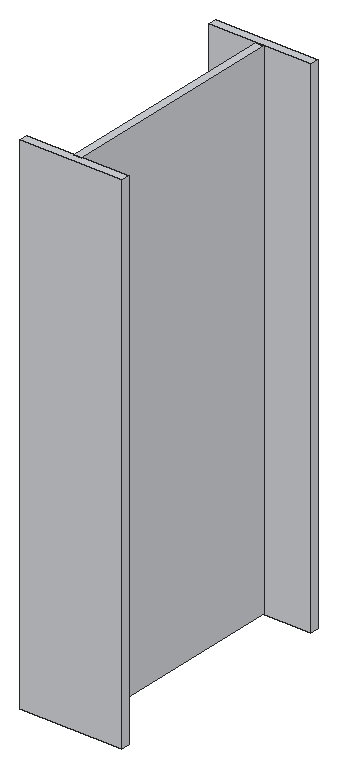
Revit family "StructuralColumns_FabricatedIProfile", category Structural Columns, Revit 2018
Family settings
  Section Shape = I-shape Welded
  Material for Model Behavior = Steel
  Always export as geometry = No
  Beam cutback in plan = From bounding box
  Cut with Voids When Loaded = No
  Symbolic Representation = From Project Settings
  Shared = No
  Show family pre-cut in plan views = Yes
Parameters (values of type "FabricatedIProfile")
  Width = if(Bottom Flange Width > Top Flange Width, Bottom Flange Width, Top Flange Width)  # 50.0 cm
  Web Thickness = 40 mm
  Top Flange Width = 500 mm
  Top Flange Thickness = 40 mm
  Structural Material [instance] = none
  Height = 1200 mm
  Centroid Vertical = 600 mm
  Centroid Horizontal = 0.0 cm
  Bottom Flange Width = 500 mm
  Bottom Flange Thickness = 40 mm
  Assembly Code = ""
Reference planes
  plane 1 "Center (Front/Back)": y = 0
  plane 2: z = 0
  plane 3 "Center (Left/Right)": x = 0
  plane 4: y = 600
  plane 5: y = -600
  plane 6: x = -250
  plane 7: x = -250
  plane 8: x = 250
  plane 9: x = 250
  plane 10: y = 560
  plane 11: y = -560
Forms (mm)
  Extrusion 1, solid, material <- "Structural Material", detail levels medium
    sketch origin (0, 0, 0) x (1, 0, 0) y (0, 1, 0)
      loop
        line (-250, 600) -> (-250, 560) -> (250, 560) -> (250, 600) -> (-250, 600)
    from 0 to 2500
  Extrusion 2, solid, material <- "Structural Material", detail levels medium
    sketch origin (-416.028, 143.25, 0) x (1, 0, 0) y (0, 1, 0)
      loop
        line (166.028, -703.25) -> (166.028, -743.25) -> (666.028, -743.25) -> (666.028, -703.25) -> (166.028, -703.25)
    from 0 to 2500
  Extrusion 3, solid, material <- "Structural Material", detail levels medium
    sketch origin (-374.774, -150.644, 0) x (1, 0, 0) y (0, 1, 0)
      loop
        line (354.774, 710.644) -> (354.774, -409.356) -> (394.774, -409.356) -> (394.774, 710.644) -> (354.774, 710.644)
    from 0 to 2500
  Extrusion 4, solid, material <- "Structural Material", detail levels fine
    sketch origin (426.632, 164.184, 0) x (1, 0, 0) y (0, 1, 0)
      loop
        line (-676.632, -724.184) -> (-676.632, -764.184) -> (-176.632, -764.184) -> (-176.632, -724.184) -> (-676.632, -724.184)
    from 0 to 2500
  Extrusion 5, solid, material <- "Structural Material", detail levels fine
    sketch origin (551.102, 57.932, 0) x (1, 0, 0) y (0, 1, 0)
      loop
        line (-571.102, 502.068) -> (-571.102, -617.932) -> (-531.102, -617.932) -> (-531.102, 502.068) -> (-571.102, 502.068)
    from 0 to 2500
  Extrusion 6, solid, material <- "Structural Material", detail levels fine
    sketch origin (477.676, -70.093, 0) x (1, 0, 0) y (0, 1, 0)
      loop
        line (-727.676, 670.093) -> (-727.676, 630.093) -> (-227.676, 630.093) -> (-227.676, 670.093) -> (-727.676, 670.093)
    from 0 to 2500
Lines and regions (mm)
  symbolic lines, style "StructuralColumnStickSymbols", detail levels coarse
    curve 1: line (-250, 600, 0) -> (250, 600, 0)
    curve 2: line (-250, -600, 0) -> (250, -600, 0)
    curve 5: line (0, 600, 0) -> (0, -600, 0)
  symbolic lines, style "Hidden Faces", detail levels medium+fine
    curve 3: line (490, 0, 0) -> (490, 0, 2500)
    curve 4: line (670, 0, 2500) -> (670, 0, 0)
Dimensions and locks
  "Height": plane 5 to plane 4
  "Bottom Flange Thickness": plane 5 to plane 11
  "Top Flange Thickness": plane 10 to plane 4
  "Centroid Vertical": plane 5 to plane 1 "Center (Front/Back)"
  equal spacing: Extrusion 5, plane 3 "Center (Left/Right)", Extrusion 5
  "Web Thickness": Extrusion 5 to Extrusion 5
  "Bottom Flange Width": plane 7 to plane 9
  equal spacing: plane 7, plane 3 "Center (Left/Right)", plane 9
  equal spacing: plane 6, plane 3 "Center (Left/Right)", plane 8
  "Top Flange Width": plane 6 to plane 8
  aligned and locked: level to Extrusion 1
  aligned and locked: level to plane 2
  aligned and locked: Extrusion 1 to plane 2
  aligned and locked: level to curve 4
  aligned and locked: level to curve 3  (x2)
  aligned and locked: curve 4 to plane 2
  aligned and locked: Extrusion 1 sketch curve to plane 4
  aligned and locked: Extrusion 1 sketch curve to curve 1  (x2)
  aligned and locked: Extrusion 1 sketch curve to plane 10
  aligned and locked: Extrusion 2 sketch curve to plane 11
  aligned and locked: Extrusion 2 sketch curve to plane 7
  aligned and locked: Extrusion 2 sketch curve to curve 2
  aligned and locked: plane 9 to Extrusion 2 sketch curve
  aligned and locked: Extrusion 6 sketch curve to curve 1  (x2)
  aligned and locked: Extrusion 6 sketch curve to plane 10
  aligned and locked: curve 5 to plane 3 "Center (Left/Right)"
  aligned and locked: Extrusion 3 sketch curve to Extrusion 5  (x2)
  aligned and locked: level to Extrusion 4
  aligned and locked: Extrusion 4 to Extrusion 1
  aligned and locked: Extrusion 4 to level
  aligned and locked: Extrusion 2 to level
  aligned and locked: level to Extrusion 2
  aligned and locked: level to Extrusion 5
  aligned and locked: Extrusion 5 to level
  aligned and locked: Extrusion 3 to level
  aligned and locked: level to Extrusion 3
  aligned and locked: level to Extrusion 6
  aligned and locked: Extrusion 6 to level
  aligned and locked: Extrusion 1 to level
  aligned and locked: Extrusion 1 to Extrusion 5
Automatic sketch dimensions
  plane 4 to Extrusion 6 sketch curve = 0 mm
  plane 5 to Extrusion 4 sketch curve = 0 mm
  Extrusion 4 sketch curve to plane 7 = 0 mm
  Extrusion 4 sketch curve to plane 9 = 0 mm
  plane 11 to Extrusion 4 sketch curve = 0 mm
  plane 11 to Extrusion 5 sketch curve = 0 mm
  plane 10 to Extrusion 5 sketch curve = 0 mm
  curve 3 to plane 9 = 240 mm
  curve 3 to curve 4 = 180 mm
  plane 5 to curve 2 = 0 mm
  curve 2 to plane 7 = 0 mm
  plane 4 to curve 1 = 0 mm
  curve 1 to plane 6 = 0 mm
  curve 1 to plane 8 = 0 mm
  curve 2 to plane 9 = 0 mm
  plane 3 "Center (Left/Right)" to Extrusion 5 sketch curve = 20 mm
  Extrusion 5 sketch curve to plane 3 "Center (Left/Right)" = 20 mm
  plane 11 to Extrusion 3 sketch curve = 0 mm
  plane 10 to Extrusion 3 sketch curve = 0 mm
